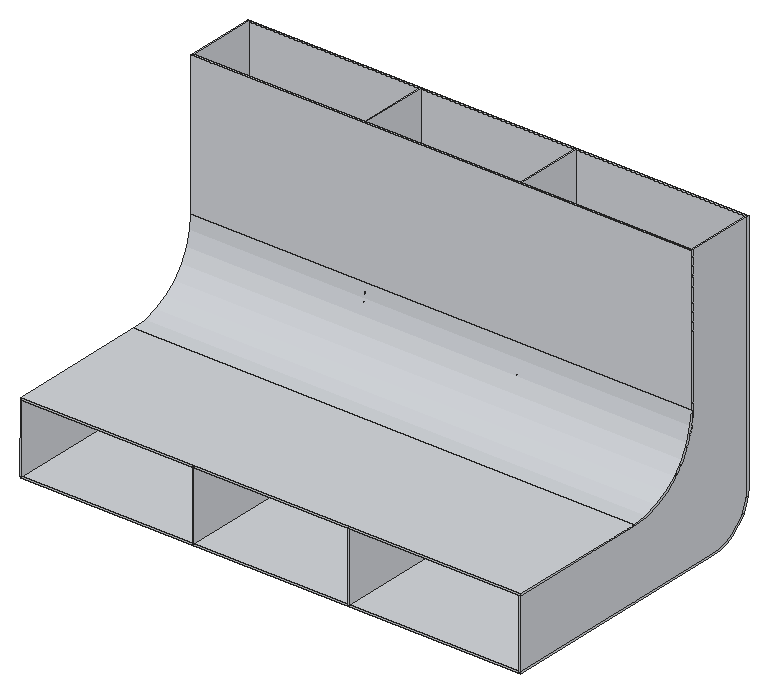
Revit family "Estrichüberdecktes Kanalsystem EÜK_Vertikalkrümmer_3-zügig", category Generic Models, Revit 2015
Parameters (values of type "KV3 35048")
  Width = 200 mm
  URL = "http://www.obo-bettermann.com"
  Size "b" = 110 mm
  Size "a" = 120 mm
  Material = Steel, Galvanized
  Manufacturer Art. No. = "7400664"
  Manufacturer = "OBO Bettermann"
  Length = 350 mm
  Height = 48 mm
  GTIN = "4012195090472"
  Article Type = "KV3 35048"
Types (7, lengths in mm): name | Size "b" | Size "a" | Manufacturer Art. No. | Length | Height | GTIN | Article Type
  (no name) | 110 | 120 | "7400664" | 350 | 48 | "4012195090472" | "KV3 35048"
  KV3 25028 | 70 | 90 | "7400644" | 250 | 28 | "4012195090403" | "KV3 25028"
  KV3 35028 | 110 | 120 | "7400656" | 350 | 28 | "4012195090458" | "KV3 35028"
  KV3 25038 | 70 | 90 | "7400648" | 250 | 38 | "4012195090410" | "KV3 25038"
  KV3 25048 | 70 | 90 | "7400652" | 250 | 48 | "4012195090427" | "KV3 25048"
  KV3 35038 | 110 | 120 | "7400660" | 350 | 38 | "4012195090465" | "KV3 35038"
  KV3 35048 | 110 | 120 | "7400664" | 350 | 48 | "4012195090472" | "KV3 35048"
Reference planes
  plane 1 "Center (Front/Back)": y = 0
  plane 2: z = 25.51
  plane 3 "Center (Left/Right)": x = 0
  plane 4: y = -200
  plane 5: z = 225.51
  plane 6: z = 74.51
  plane 7: y = -49
  plane 8: z = 26.51
  plane 9: y = -1
  plane 10: x = 1
  plane 11: x = 230
  plane 12: x = 350
  plane 13: x = 231
  plane 14: x = 351
  plane 15: x = 121
  plane 16: x = 122
Forms (mm)
  Extrusion 1, solid
    sketch origin (0, 0, 0) x (0, 1, 0) y (0, 0, 1)
      loop
        line (-1, 225.51) -> (-1, 56.51)
        arc (-1, 56.51) -> (-9.787, 35.297) -> (-31, 26.51) r 30
        line (-31, 26.51) -> (-200, 26.51) -> (-200, 25.51) -> (-30, 25.51)
        arc (-30, 25.51) -> (-8.787, 34.297) -> (0, 55.51) r 30
        line (0, 55.51) -> (0, 225.51) -> (-1, 225.51)
    from 0 to 351
  Extrusion 2, solid
    sketch origin (0, 0, 0) x (0, 1, 0) y (0, 0, 1)
      loop
        line (-50, 225.51) -> (-50, 125.51)
        arc (-50, 125.51) -> (-64.645, 90.155) -> (-100, 75.51) r 50
        line (-100, 75.51) -> (-200, 75.51) -> (-200, 74.51) -> (-99, 74.51)
        arc (-99, 74.51) -> (-63.645, 89.155) -> (-49, 124.51) r 50
        line (-49, 124.51) -> (-49, 225.51) -> (-50, 225.51)
    from 0 to 351
  Extrusion 3, solid
    sketch origin (0, 0, 0) x (0, 1, 0) y (0, 0, 1)
      loop
        line (-49, 225.51) -> (-49, 124.51)
        arc (-49, 124.51) -> (-63.645, 89.155) -> (-99, 74.51) r 50
        line (-99, 74.51) -> (-200, 74.51) -> (-200, 26.51) -> (-31, 26.51)
        arc (-31, 26.51) -> (-9.787, 35.297) -> (-1, 56.51) r 30
        line (-1, 56.51) -> (-1, 225.51) -> (-49, 225.51)
    from 0 to 1
  Extrusion 4, solid
    sketch origin (0, 0, 0) x (0, 1, 0) y (0, 0, 1)
      loop
        line (-200, 74.51) -> (-200, 26.51) -> (-31, 26.51)
        arc (-31, 26.51) -> (-9.787, 35.297) -> (-1, 56.51) r 30
        line (-1, 56.51) -> (-1, 225.51) -> (-49, 225.51) -> (-49, 124.51)
        arc (-49, 124.51) -> (-63.645, 89.155) -> (-99, 74.51) r 50
        line (-99, 74.51) -> (-200, 74.51)
    from 231 to 230
  Extrusion 5, solid
    sketch origin (0, 0, 0) x (0, 1, 0) y (0, 0, 1)
      loop
        line (-200, 74.51) -> (-200, 26.51) -> (-31, 26.51)
        arc (-31, 26.51) -> (-9.787, 35.297) -> (-1, 56.51) r 30
        line (-1, 56.51) -> (-1, 225.51) -> (-49, 225.51) -> (-49, 124.51)
        arc (-49, 124.51) -> (-63.645, 89.155) -> (-99, 74.51) r 50
        line (-99, 74.51) -> (-200, 74.51)
    from 350 to 351
  Extrusion 6, solid
    sketch origin (0, 0, 0) x (0, 1, 0) y (0, 0, 1)
      loop
        line (-200, 74.51) -> (-200, 26.51) -> (-31, 26.51)
        arc (-31, 26.51) -> (-9.787, 35.297) -> (-1, 56.51) r 30
        line (-1, 56.51) -> (-1, 225.51) -> (-49, 225.51) -> (-49, 124.51)
        arc (-49, 124.51) -> (-63.645, 89.155) -> (-99, 74.51) r 50
        line (-99, 74.51) -> (-200, 74.51)
    from 121 to 122
Lines and regions (mm)
  model lines
    curve 1: line (0, 0, 225.51) -> (0, 0, 55.51)
    curve 2: line (0, -30, 25.51) -> (0, -200, 25.51)
    curve 3: line (0, 0, 225.51) -> (0, -1, 225.51)
    curve 4: line (0, -1, 225.51) -> (0, -1, 56.51)
    curve 5: line (0, -200, 26.51) -> (0, -31, 26.51)
    curve 6: arc (0, 0, 55.51) -> (0, -8.787, 34.297) -> (0, -30, 25.51) r 30
    curve 7: arc (0, -31, 26.51) -> (0, -9.787, 35.297) -> (0, -1, 56.51) r 30
    curve 8: line (0, -200, 26.51) -> (0, -200, 25.51)
    curve 9: line (0, -99, 74.51) -> (0, -200, 74.51)
    curve 10: line (0, -49, 124.51) -> (0, -49, 225.51)
    curve 11: line (0, -49, 225.51) -> (0, -50, 225.51)
    curve 12: line (0, -50, 225.51) -> (0, -50, 125.51)
    curve 13: line (0, -100, 75.51) -> (0, -200, 75.51)
    curve 14: line (0, -200, 74.51) -> (0, -200, 75.51)
    curve 15: arc (0, -50, 125.51) -> (0, -64.645, 90.155) -> (0, -100, 75.51) r 50
    curve 16: arc (0, -49, 124.51) -> (0, -63.645, 89.155) -> (0, -99, 74.51) r 50
    curve 17: line (0, -200, 74.51) -> (0, -200, 26.51)
    curve 18: line (0, -49, 225.51) -> (0, -1, 225.51)
Dimensions and locks
  "Width": plane 5 to level
  "Width": plane 1 "Center (Front/Back)" to plane 4
  locked: curve 10 to curve 12 at 1
  locked: curve 9 to curve 13 at 1
  "Height": plane 6 to plane 8
  locked: plane 8 to level at 1
  locked: plane 1 "Center (Front/Back)" to plane 9 at 1
  "Height": plane 9 to plane 7
  locked: plane 12 to plane 14 at 1
  locked: plane 11 to plane 13 at 1
  plane 3 "Center (Left/Right)" to plane 10 = 1 mm
  "Length": plane 10 to plane 14
  "Size "a"": plane 11 to plane 12
  plane 15 to plane 16 = 1 mm
  "Size "a"": plane 10 to plane 15
  radius of curve 6 = 30 mm
  radius of curve 15 = 50 mm
  radius of curve 16 = 50 mm
  radius of Extrusion 1 = 30 mm
  aligned and locked: level to plane 2
  aligned and locked: level to curve 2
  aligned and locked: plane 1 "Center (Front/Back)" to curve 1
  aligned and locked: plane 5 to curve 3
  aligned and locked: Extrusion 1 sketch curve to curve 3
  aligned and locked: Extrusion 1 sketch curve to curve 1
  aligned and locked: Extrusion 1 sketch curve to curve 6
  aligned and locked: Extrusion 1 sketch curve to curve 7
  aligned and locked: plane 4 to Extrusion 1 sketch curve
  aligned and locked: Extrusion 1 sketch curve to curve 5
  aligned and locked: plane 4 to curve 8
  aligned and locked: plane 6 to curve 9
  aligned and locked: curve 10 to plane 7
  aligned and locked: plane 5 to curve 11
  aligned and locked: curve 14 to plane 4
  aligned and locked: Extrusion 2 sketch curve to curve 11
  aligned and locked: Extrusion 2 sketch curve to curve 14
  aligned and locked: Extrusion 2 sketch curve to curve 16
  aligned and locked: Extrusion 2 sketch curve to curve 15
  aligned and locked: Extrusion 2 sketch curve to curve 13
  aligned and locked: Extrusion 2 sketch curve to curve 12
  aligned and locked: plane 9 to curve 4
  aligned and locked: Extrusion 2 to Extrusion 1
  aligned and locked: Extrusion 3 sketch curve to curve 18
  aligned and locked: Extrusion 3 sketch curve to Extrusion 1  (x2)
  aligned and locked: Extrusion 3 sketch curve to curve 17
  aligned and locked: Extrusion 3 sketch curve to Extrusion 2  (x2)
  aligned and locked: Extrusion 1 to plane 14
  aligned and locked: Extrusion 3 to plane 10
  aligned and locked: Extrusion 4 sketch curve to Extrusion 3  (x6)
  aligned and locked: Extrusion 4 to plane 11
  aligned and locked: plane 13 to Extrusion 4
  aligned and locked: Extrusion 5 sketch curve to Extrusion 3  (x6)
  aligned and locked: Extrusion 5 to Extrusion 1
  aligned and locked: plane 12 to Extrusion 5
  aligned and locked: Extrusion 6 sketch curve to Extrusion 3  (x6)
  aligned and locked: Extrusion 6 to plane 16
  aligned and locked: plane 15 to Extrusion 6
Automatic sketch dimensions
  curve 7 to plane 8 = 0 mm
  curve 5 to curve 2 = 1 mm
